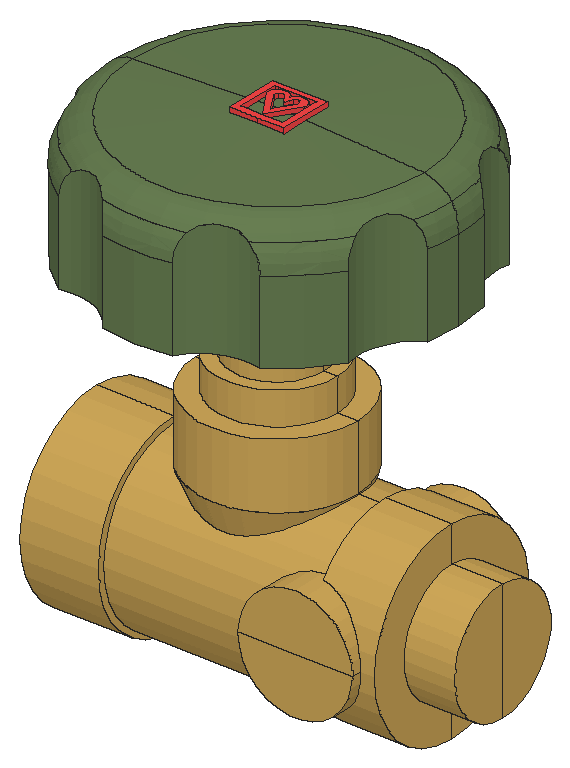
Revit family "Запорный клапан Strömax 4215 W, муфта х наружная резьба", category Rohrzubehör, Revit 2020
Family settings
  Bemaßung runder Anschluss = Durchmesser verwenden
  Teiletyp = Unterbricht
  OmniClass-Nummer = 23.65.55.14
  OmniClass-Titel = Valves for Liquid Services
  Arbeitsebenenbasiert = Nein
  Immer vertikal = Ja
  Beim Laden mit Abzugskörper schneiden = Nein
  Gemeinsam genutzt = Nein
Parameters
  Примечание = "В соответствии со статьей 33 Регламента REACH (Registration; Evaluation; Authorisation; Restriction of Chemicals) (EC № 1907/2006) мы обязаны указать, что свинец внесен в список SVHC (Substances of Very High Concern - вещества очень высокой важности) и весовой процент свинца во всех латунных компонентах заводского изготовления в наших изделиях, превышает 0,1 % (w/w) (CAS: 7439-92-1 / EINECS: 231-100-4).\r\nПоскольку свинец является легирующим компонентом сплава, прямое негативное влияние исключается, и поэтому дополнительной информации о безопасном использовании не требуется."
  Область применения = "Для перекрытия трубопроводов в системе питьевого водоснабжения в зданиях."
  Номер заказа = 2412561  # constant formula
  Маховик = "пластик, цвет маховика - зеленый"  # constant formula
  Макс. рабочее давление = 1000000.0 Pa  # constant formula
  Макс. рабочая температура = 90 °C  # constant formula
  Корпус = "латунь, устойчивая к селективной цинковой коррозии, в соответствии с EN1982"  # constant formula
  Vorgabe-Ansicht = 0 mm
  URL = "www.herz-armaturen.ru"
  T01 = 17.5 mm  # constant formula
  SC_NennweiteBerechnet = 0
  SC_Dimension = ""
  SCTWSEQ = "FW;SBT_TYP_FW=\"106\";2"
  SCTWCODE = "04;01;02"  # constant formula
  S03 = 60 mm  # constant formula
  S02 [instance] = H01 + H02 + H03  # 46 mm
  S01 [instance] = R01 * 2  # 32 mm
  R09 [instance] = Nennweite Aus / 2  # 10 mm
  R08 [instance] = size_lookup("4215W_", "R8", 9.5 mm, Nennweite)  # 9.5 mm
  R07 = 3 mm  # constant formula
  R06 [instance] = size_lookup("4215W_", "R6", 7.8 mm, Nennweite)  # 7.8 mm
  R05 [instance] = size_lookup("4215W_", "R5", 10.1 mm, Nennweite)  # 10.1 mm
  R04 [instance] = size_lookup("4215W_", "R4", 13.5 mm, Nennweite)  # 13.5 mm
  R03 = 15 mm  # constant formula
  R02 [instance] = Nennweite / 2  # 7.5 mm
  R01 = 16 mm  # constant formula
  Nennweite Aus [instance] = 20 mm  # constant formula
  Nennweite [instance] = 15 mm  # constant formula
  Мин. расход при Dp 10 кПа [instance] = if(Nennweite = 15 mm, 0.2, if(Nennweite = 20 mm, 0.4, if(Nennweite = 25 mm, 0.7, if(Nennweite = 32 mm, 1.2, if(Nennweite = 40 mm, 1.6, if(Nennweite = 50 mm, 2.7, 0))))))  # 0.2
  Среда = "Питьевая вода"  # constant formula
  Макс. перепад давления на закрытом седле = 1000000.0 Pa  # constant formula
  L06 = 18 mm  # constant formula
  L05 = 8.5 mm  # constant formula
  L04 = 37.5 mm  # constant formula
  L03 = 17 mm  # constant formula
  L02 = 12 mm  # constant formula
  L01 = 13 mm  # constant formula
  L00 = 30 mm  # constant formula
  Hersteller = "HERZ Armaturen Ges.m.b.H"  # constant formula
  H04 = 21 mm  # constant formula
  H03 = 14.6 mm  # constant formula
  H02 = 5.4 mm  # constant formula
  H01 = 26 mm  # constant formula
  H00 [instance] = H01 + H02 + H03  # 46 mm
  O-Ring = "EPDM"  # constant formula
Reference planes
  plane 1 "Mitte (Vorne/hinten)": y = 0
  plane 2: z = 0
  plane 3 "Mitte (Links/rechts)": x = 0
Forms (mm)
  Revolve 1, solid, material "Messing, weicher Gelbton, geschweißt", detail levels fine
    sketch origin (470, 0, 0) x (1, 0, 0) y (0, 0, 1)
      loop
        line (-500, 7.5) -> (-488, 7.5) -> (-488, 0) -> (-432.5, 0) -> (-432.5, 10) -> (-441, 10) -> (-441, 16) -> (-452, 16) -> (-452, 15) -> (-487, 15) -> (-487, 16) -> (-500, 16) -> (-500, 7.5)
      axis (-500, 0) -> (-432.5, 0)
    angle from 0 to 360
  Revolve 2, solid, material "Messing, weicher Gelbton, geschweißt", detail levels fine
    sketch origin (0, 0, 0) x (1, 0, 0) y (0, 0, 1)
      loop
        line (0, 0) -> (0, 46) -> (-7.8, 46) -> (-7.8, 31.4) -> (-10.1, 31.4) -> (-10.1, 26) -> (-13.5, 26) -> (-13.5, 15) -> (-7.5, 0) -> (0, 0)
      axis (0, 46) -> (0, 0)
    angle from 0 to 360
  Revolve 3, solid, material "Messing, weicher Gelbton, geschweißt", detail levels fine
    sketch origin (0, 0, 0) x (1, 0, 0) y (0, 1, 0)
      loop
        line (17, -17.5) -> (26.5, -17.5) -> (26.5, -7.5) -> (20, -7.5) -> (20, 7.5) -> (26.5, 7.5) -> (26.5, 17.5) -> (17, 17.5) -> (17, -17.5)
      axis (17, 17.5) -> (17, -17.5)
    angle from 0 to 360
Lines and regions (mm)
  model lines, detail levels coarse+medium
    curve 1: line (-30, 0, 16) -> (-30, 0, -16)
    curve 2: line (-30, 0, -16) -> (37.5, 0, 16)
    curve 3: line (37.5, 0, 16) -> (37.5, 0, -16)
    curve 4: line (37.5, 0, -16) -> (-30, 0, 16)
    curve 5: line (3.75, 0, 0) -> (3.75, 0, 46)
    curve 6: line (-26.25, 0, 46) -> (33.75, 0, 46)
    curve 7: line (-30, -16, 0) -> (-30, 16, 0)
    curve 8: line (-30, 16, 0) -> (37.5, -16, 0)
    curve 9: line (37.5, -16, 0) -> (37.5, 16, 0)
    curve 10: line (37.5, 16, 0) -> (-30, -16, 0)
    curve 11: line (3.75, 0, 0) -> (3.75, 46, 0)
    curve 12: line (-26.25, 46, 0) -> (33.75, 46, 0)
Dimensions and locks
  "R01": Revolve 1 sketch curve to Revolve 1 sketch curve  (x2)
  "R02": Revolve 1 sketch curve to Revolve 1 sketch curve
  "L01": Revolve 1 sketch curve to Revolve 1 sketch curve
  "L02": Revolve 1 sketch curve to Revolve 1 sketch curve
  "R03": Revolve 1 sketch curve to Revolve 1 sketch curve
  "R03": Revolve 2 sketch curve to Revolve 2 sketch curve
  "R02": Revolve 2 sketch curve to Revolve 2 sketch curve
  "R04": Revolve 2 sketch curve to Revolve 2 sketch curve
  "R05": Revolve 2 sketch curve to Revolve 2 sketch curve
  "R06": Revolve 2 sketch curve to Revolve 2 sketch curve
  "H01": Revolve 2 sketch curve to plane 2
  "T01": Revolve 3 sketch curve to plane 1 "Mitte (Vorne/hinten)" to Revolve 3 sketch curve
  "R02": Revolve 3 sketch curve to plane 1 "Mitte (Vorne/hinten)"
  "R02": plane 1 "Mitte (Vorne/hinten)" to Revolve 3 sketch curve
  "R07": Revolve 3 sketch curve to Revolve 3 sketch curve
  "R08": Revolve 3 sketch curve to Revolve 3 sketch curve
  "H02": Revolve 2 sketch curve to Revolve 2 sketch curve
  "H03": Revolve 2 sketch curve to Revolve 2 sketch curve
  "L00": plane 3 "Mitte (Links/rechts)" to Revolve 1 sketch curve
  "L04": Revolve 1 sketch curve to plane 3 "Mitte (Links/rechts)"
  "R09": Revolve 1 sketch curve to Revolve 1 sketch curve
  "L03": plane 3 "Mitte (Links/rechts)" to Revolve 3 sketch curve
  "L05": Revolve 1 sketch curve to Revolve 1 sketch curve
  "L06": Revolve 1 sketch curve to plane 3 "Mitte (Links/rechts)"
  "H00": nested 1 to plane 2
  "H04": nested 2 to Revolve 2
  equal spacing: curve 3, plane 2, curve 4
  "S01": curve 3 to curve 4
  equal spacing: curve 4, plane 2, curve 2
  "S01": curve 2 to curve 4
  "L00": curve 1 to plane 3 "Mitte (Links/rechts)"
  "L04": plane 3 "Mitte (Links/rechts)" to curve 3
  equal spacing: Revolve 1, curve 5, curve 3
  "S02": curve 5 to plane 2
  equal spacing: curve 6, curve 5, curve 6
  "S03": curve 6 to curve 6
  equal spacing: curve 10, plane 1 "Mitte (Vorne/hinten)", curve 8
  equal spacing: curve 9, plane 1 "Mitte (Vorne/hinten)", curve 10
  "S01": curve 8 to curve 7
  "S01": curve 10 to curve 9
  "L04": plane 3 "Mitte (Links/rechts)" to curve 9
  "L00": curve 7 to plane 3 "Mitte (Links/rechts)"
  equal spacing: curve 12, curve 11, curve 12
  equal spacing: curve 7, curve 11, curve 9
  "S03": curve 12 to curve 12
  "S02": plane 1 "Mitte (Vorne/hinten)" to curve 11
  aligned and locked: level to plane 2
Automatic sketch dimensions
  Revolve 1 sketch curve to level = 0 mm  (x2)
  Revolve 1 sketch curve to Revolve 1 sketch curve = 791.99 mm
  Revolve 1 sketch curve to Revolve 1 sketch curve = 2278.983 mm
  Revolve 2 sketch curve to level = 0 mm
  Revolve 2 sketch curve to plane 3 "Mitte (Links/rechts)" = 0 mm  (x2)
  Revolve 2 sketch curve to level = 366.045 mm
  Revolve 2 sketch curve to Revolve 2 sketch curve = 2165.278 mm
  Revolve 3 sketch curve to Revolve 3 sketch curve = 9.5 mm
  Revolve 3 sketch curve to Revolve 3 sketch curve = 0 mm
  Revolve 3 sketch curve to Revolve 3 sketch curve = 4.553 mm
  Revolve 3 sketch curve to Revolve 3 sketch curve = 3.768 mm
Nested families
  nested 1: "Strömax-Handrad (Grün)" at (0.258, 0, 46), type "Strömax-Handrad (Grün)", detail levels fine
    with Nennweite 0 mm, Gewicht 0.00 kg, Bestellnummer 0
  nested 2: "Herz-Logo" at (0.258, 0, 67), type "Herz-Logo", detail levels fine
Connectors
  piping at (-18, 0, 0), diameter 15, driven by "Nennweite"
    settings: on Revolve 1, index 1, connector inside diameter 609.6 mm, connector length 0 mm, flow factor 0, pipe flow 0.0 L/s, pressure drop 0.0 Pa, fitting loss kfactor 0, connector angle 0.00°, fixture units 0, engagement length 0 mm, angle of deflection 0.00°, flow configuration 0, flow direction 1, fitting loss method 0, system type 29, joint type 0, gender type 0, connector reference index -1, connector utility 0, adjustable connector no, is connector primary yes, connector description ""
  piping at (37.5, 0, 0), diameter 20, driven by "Nennweite Aus"
    settings: on Revolve 1, index 2, connector inside diameter 609.6 mm, connector length 0 mm, flow factor 0, pipe flow 0.0 L/s, pressure drop 0.0 Pa, fitting loss kfactor 0, connector angle 0.00°, fixture units 0, engagement length 0 mm, angle of deflection 0.00°, flow configuration 0, flow direction 2, fitting loss method 0, system type 29, joint type 0, gender type 0, connector reference index -1, connector utility 0, adjustable connector no, is connector primary no, connector description ""
Definition of nested family "Strömax-Handrad (Grün)"
  Parameters (values of type "Strömax-Handrad (Grün)")
    Default Elevation = 0 mm
    URL = "www.herz-armaturen.at"
    Nennweite [instance] = 0 mm
    Manufacturer = "Herz Armaturen GmbH"  # constant formula
    Gewicht [instance] = 0.00 kg
    Bestellnummer [instance] = 0
  Reference planes
    plane 1 "Mitte (Vorne/hinten)": y = 0
    plane 2: z = 0
    plane 3 "Mitte (Links/rechts)": x = 0
  Forms (mm)
    Revolve 1, solid
      sketch origin (0, 0, 0) x (1, 0, 0) y (0, 0, 1)
        loop
          line (0, 0) -> (0, 22)
          arc (0, 22) -> (-12.15, 21.705) -> (-24.271, 20.819) r 250
          arc (-24.271, 20.819) -> (-26.831, 19.959) -> (-28.754, 18.063) r 6
          arc (-28.754, 18.063) -> (-29.682, 16.008) -> (-30, 13.776) r 8
          line (-30, 13.776) -> (-30, 0) -> (0, 0)
        axis (0, 22) -> (0, 0)
      angle from 0 to 360
    Extrusion 2, void
      sketch origin (0, 0, 0) x (1, 0, 0) y (0, 1, 0)
        loop
          circle (14.351, -34.645) r 10
      from 0 to 22
    Extrusion 3, void
      sketch origin (0, 0, 0) x (-1, 0, 0) y (0, -1, 0)
        loop
          circle (14.351, 34.645) r 10
      from 0 to 22
    Extrusion 4, void
      sketch origin (0, 0, 0) x (0, -1, 0) y (1, 0, 0)
        loop
          circle (14.351, 34.645) r 10
      from 0 to 22
    Extrusion 5, void
      sketch origin (0, 0, 0) x (0, 1, 0) y (-1, 0, 0)
        loop
          circle (14.351, -34.645) r 10
      from 0 to 22
    Extrusion 6, void
      sketch origin (0, 0, 0) x (0, -1, 0) y (1, 0, 0)
        loop
          circle (14.351, -34.645) r 10
      from 0 to 22
    Extrusion 7, void
      sketch origin (0, 0, 0) x (0, 1, 0) y (-1, 0, 0)
        loop
          circle (14.351, 34.645) r 10
      from 0 to 22
    Extrusion 8, void
      sketch origin (0, 0, 0) x (1, 0, 0) y (0, 1, 0)
        loop
          circle (14.351, 34.645) r 10
      from 0 to 22
    Extrusion 9, void
      sketch origin (0, 0, 0) x (-1, 0, 0) y (0, -1, 0)
        loop
          circle (14.351, -34.645) r 10
      from 0 to 22
  Cuts and joins
    Extrusion 2, Extrusion 3, Extrusion 4, Extrusion 5, Extrusion 6, Extrusion 7, Extrusion 8, Extrusion 9 cuts Revolve 1
  Dimensions and locks
    aligned and locked: level to plane 2
Definition of nested family "Herz-Logo"
  Parameters (values of type "Herz-Logo")
    Default Elevation = 0 mm
  Reference planes
    plane 1 "Mitte (Vorne/hinten)": y = 0
    plane 2: z = 0
    plane 3 "Mitte (Links/rechts)": x = 0
  Forms (mm)
    Extrusion 1, solid
      sketch origin (0, 0, 0) x (1, 0, 0) y (0, 1, 0)
        loop
          line (-0.018, -4.517) -> (4.482, -4.517) -> (4.482, 4.483) -> (-4.518, 4.483) -> (-4.518, -4.517) -> (-0.018, -4.517)
        loop
          line (-0.05, -3.48) -> (3.482, -3.48) -> (3.482, 3.483) -> (-3.518, 3.483) -> (-3.518, -3.48) -> (-0.05, -3.48)
        loop
          arc (-0.018, 2.383) -> (-1.543, 3.287) -> (-3.067, 2.383) r 1.738
          arc (-3.067, 2.383) -> (-3.191, 1.899) -> (-3.067, 1.415) r 1.009
          line (-3.067, 1.415) -> (-0.018, -3.281) -> (3.032, 1.415)
          arc (3.032, 1.415) -> (3.156, 1.899) -> (3.032, 2.383) r 1.009
          arc (3.032, 2.383) -> (1.507, 3.287) -> (-0.018, 2.383) r 1.738
        loop
          arc (1.885, 1.272) -> (2.005, 1.675) -> (1.885, 2.079) r 0.74
          arc (1.885, 2.079) -> (1.265, 2.416) -> (0.644, 2.079) r 0.74
          line (0.644, 2.079) -> (-0.018, 0.97) -> (-0.679, 2.079)
          arc (-0.679, 2.079) -> (-1.3, 2.416) -> (-1.921, 2.079) r 0.74
          arc (-1.921, 2.079) -> (-2.04, 1.675) -> (-1.921, 1.272) r 0.74
          line (-1.921, 1.272) -> (-0.018, -1.658) -> (1.885, 1.272)
      from 0 to 1.5
  Dimensions and locks
    aligned and locked: level to plane 2
